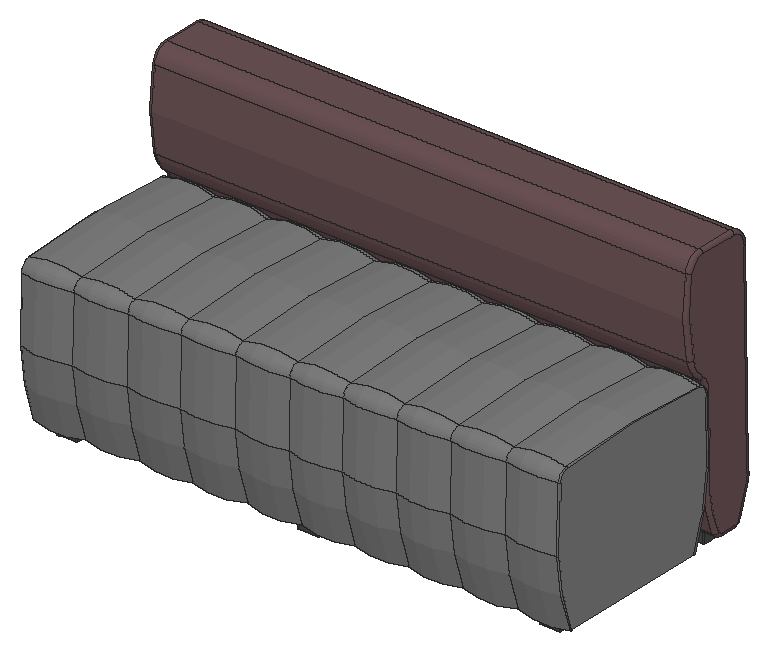
Revit family "Chair-Soft_Seating-Allermuir-Haven_Bench-HAB200BERH", category Furniture, Revit 2012
Parameters (values of type "HAB200BERH")
  ecoScorecard_data = "http://thesenatorgroup.ecoscorecard.com/product/HAB200BERH"
  ecoScorecard Product Page = "http://products.ecoscorecard.com/allermuir/HAB200BERH?action=html"
  Width = 0"
  Weight = 0.0 lbf
  Upholstered Seat = "No"
  Upholstered Back = "No"
  URL = "http://www.allermuir.net/Default.aspx"
  Subcategory = "Soft Seating"  # constant formula
  Stacks = no
  Specifications URL = ""
  Side Bracket = Metal - Allermuir - Chrome - Polished
  Seat or Top = Fabric - Allermuir - Silcoates
  Product Page URL = "http://www.allermuir.net/Products.aspx?RangeId=495"
  Product Line = "Haven Bench"  # constant formula
  Pricing URL = ""
  Plugin Data URL = "http://products.ecoscorecard.com/thesenatorgroup/HAB200BERH"
  Plastic Arms in Black = "No"
  Model = "HAB200BERH"  # constant formula
  Manufacturer Phone - Toll Free = "(888) 887 5806"  # constant formula
  Manufacturer Phone = "(419) 887 5806"  # constant formula
  Manufacturer Fax = "(419) 887 5805"  # constant formula
  Manufacturer Email = "mailto:contact@allermuir-na.com"
  Manufacturer Address = "1630 Holland Road, Maumee, Ohio 43537 "  # constant formula
  Manufacturer = "Allermuir"  # constant formula
  LEED Stats URL = ""
  Height = 0"
  Fabric Spec Sheets = "http://www.allermuir.net/Services/File.ashx?Type=B&Id=51"
  Description = ""
  Depth = 0"
  Color Availability = "See price list for material options"  # constant formula
  CAD Blocks URL = ""
  Brochure URL = ""
  Base = Plastic - Allermuir - Black
  Back = Fabric - Allermuir - Upholstery - Velvet - Red
  Assembly Code = "E2020200"
  95 CSI = "12510"  # constant formula
  04 CSI = "12 51 00"  # constant formula
Reference planes
  plane 1 "Center Front/Back": y = 0
  plane 2: z = 0
  plane 3 "Center Left/Right": x = 0
  plane 4: y = 359.331
  plane 5: y = -323.637
  plane 6: z = 780.256
  plane 7: x = -760.699
  plane 8: x = 757.524
Dimensions and locks
  plane 4 to plane 5 = 26.88848"
  plane 6 to level = 30 23/32"  (x2)
  locked: plane 7 to plane 8 at 1518.222
  aligned and locked: plane 3 "Center Left/Right" to nested 1
  aligned and locked: plane 5 to nested 1
  aligned and locked: nested 2 to plane 4
  aligned and locked: nested 2 to nested 1
Nested families
  nested 1: "HAB200BERH" at (0, -58.341, 0), type "HAB200BERH"
  nested 2: "HAB200BERH-Back-Rest" at (24.943, 10.081, 0), type "HAB200BERH"
Definition of nested family "HAB200BERH"
  Parameters (values of type "HAB200BERH")
    URL = "http://www.allermuir.net/Default.aspx"
    Stand = Plastic - Allermuir - Black
    Stacks = no
    Side Stand = Metal - Allermuir - Chrome - Polished
    Seat = Fabric - Allermuir - Silcoates
    Model = "HAB100"
    Manufacturer = "Allermuir"  # constant formula
    Description = ""
    Assembly Code = "E2020200"
  Reference planes
    plane 1 "Center Front/Back": y = 0
    plane 2: z = 0
    plane 3 "Center Left/Right": x = 0
    plane 4: y = 278.492
    plane 5: y = -265.296
    plane 6: z = 466.328
    plane 7: y = 174.511
    plane 8: y = -161.315
    plane 9: x = -747.478
    plane 10: x = -671.278
    plane 11: x = 747.478
    plane 12: x = 671.278
    plane 13: y = -256.155
  Forms (mm)
    Sweep 1, solid, material "Fabric - Allermuir - Silcoates" <- "Seat"
      path origin (0, 0, -3.969) x (0, 1, 0) y (0, 0, 1)
        loop
          arc (230.619, 28.377) -> (262.694, 128.867) -> (276.965, 233.381) r 609.6
          arc (276.965, 233.381) -> (278.479, 325.472) -> (273.982, 417.465) r 1411.053
          arc (273.982, 417.465) -> (262.719, 442.368) -> (238.222, 454.489) r 40.603
          arc (238.222, 454.489) -> (7.264, 468.236) -> (-223.765, 455.728) r 2038.86
          arc (-223.765, 455.728) -> (-248.079, 443.981) -> (-259.64, 419.577) r 40.58
          arc (-259.64, 419.577) -> (-265.536, 328.435) -> (-264.387, 237.109) r 1183.48
          arc (-264.387, 237.109) -> (-249.725, 130.711) -> (-217.12, 28.377) r 627.008
      profile origin (0, 7.264, 464.267) x (0, -0.002682, -0.999996) y (1, 0, 0)
        loop
          arc (10.108, -745.462) -> (11.467, -747.415) -> (13.724, -748.165) r 3.77
          line (13.724, -748.165) -> (14.881, -748.165) -> (14.881, 751.457) -> (12.785, 751.457)
          arc (12.785, 751.457) -> (10.529, 750.699) -> (9.189, 748.733) r 3.735
          arc (9.189, 748.733) -> (-0.333, 674.997) -> (11.738, 601.636) r 255.942
          arc (11.738, 601.636) -> (-0.369, 525.083) -> (10.994, 448.417) r 255.942
          arc (10.994, 448.417) -> (-0.371, 373.433) -> (10.736, 298.411) r 255.942
          arc (10.736, 298.411) -> (-0.371, 223.387) -> (10.994, 148.403) r 255.942
          arc (10.994, 148.403) -> (-0.369, 74.256) -> (10.253, 0) r 255.942
          arc (10.253, 0) -> (-0.355, -75.93) -> (12.002, -151.596) r 255.942
          arc (12.002, -151.596) -> (-0.344, -226.43) -> (9.784, -301.596) r 255.942
          arc (9.784, -301.596) -> (-0.344, -376.765) -> (12.003, -451.601) r 255.942
          arc (12.003, -451.601) -> (-0.344, -526.433) -> (9.782, -601.598) r 255.942
          arc (9.782, -601.598) -> (-0.371, -673.554) -> (10.108, -745.462) r 255.942
    Extrusion 2, solid, material "Fabric - Allermuir - Silcoates" <- "Seat"
      sketch origin (0, 0, -3.969) x (0, 1, 0) y (0, 0, 1)
        loop
          line (-203.329, 33.969) -> (216.827, 33.969)
          arc (216.827, 33.969) -> (248.162, 132.073) -> (262.102, 234.112) r 594.719
          arc (262.102, 234.112) -> (263.6, 325.231) -> (259.15, 416.253) r 1396.171
          arc (259.15, 416.253) -> (252.015, 432.029) -> (236.497, 439.708) r 25.722
          arc (236.497, 439.708) -> (7.224, 453.355) -> (-222.118, 440.938) r 2023.978
          arc (-222.118, 440.938) -> (-237.517, 433.499) -> (-244.837, 418.044) r 25.699
          arc (-244.837, 418.044) -> (-250.66, 328.048) -> (-249.525, 237.871) r 1168.598
          arc (-249.525, 237.871) -> (-235.197, 133.933) -> (-203.329, 33.969) r 612.126
      from -748.165 to 751.457
    Extrusion 3, solid, material "Metal - Allermuir - Chrome - Polished" <- "Side Stand"
      sketch origin (-2.927, 1.885, -3.969) x (-1, 0, 0) y (0, -1, 0)
        loop
          line (751.677, -189.731) -> (757.733, -186.084) -> (756.959, -184.799) -> (751.024, -188.373)
          arc (751.024, -188.373) -> (750.618, -188.45) -> (750.26, -188.244) r 0.595
          line (750.26, -188.244) -> (747.049, -184.391)
          arc (747.049, -184.391) -> (746.838, -184.023) -> (746.764, -183.605) r 1.228
          line (746.764, -183.605) -> (746.764, -157.548)
          arc (746.764, -157.548) -> (746.835, -157.143) -> (747.04, -156.786) r 1.191
          line (747.04, -156.786) -> (750.268, -152.913)
          arc (750.268, -152.913) -> (750.617, -152.712) -> (751.014, -152.787) r 0.581
          line (751.014, -152.787) -> (756.959, -156.367) -> (757.733, -155.082) -> (751.644, -151.415)
          arc (751.644, -151.415) -> (750.358, -151.171) -> (749.223, -151.823) r 1.885
          line (749.223, -151.823) -> (745.671, -156.086)
          arc (745.671, -156.086) -> (745.363, -156.622) -> (745.257, -157.23) r 1.786
          line (745.257, -157.23) -> (745.257, -183.923)
          arc (745.257, -183.923) -> (745.366, -184.543) -> (745.679, -185.09) r 1.823
          line (745.679, -185.09) -> (749.198, -189.313)
          arc (749.198, -189.313) -> (750.36, -189.981) -> (751.677, -189.731) r 1.93
      from 156.239 to 306.239
    Extrusion 4, solid, material "Metal - Allermuir - Chrome - Polished" <- "Side Stand"
      sketch origin (-2.927, 1.885, -3.969) x (-1, 0, 0) y (0, -1, 0)
        loop
          line (746.764, -176.579) -> (755.757, -176.579) -> (755.757, -164.607) -> (746.764, -164.607) -> (746.764, -176.579)
      from 304.739 to 306.239
    Extrusion 5, solid, material "Metal - Allermuir - Chrome - Polished" <- "Side Stand"
      sketch origin (-2.927, 16.867, -3.969) x (-1, 0, 0) y (0, -1, 0)
        loop
          arc (751.677, 189.731) -> (750.36, 189.981) -> (749.198, 189.313) r 1.93
          line (749.198, 189.313) -> (745.679, 185.09)
          arc (745.679, 185.09) -> (745.366, 184.543) -> (745.257, 183.923) r 1.823
          line (745.257, 183.923) -> (745.257, 157.23)
          arc (745.257, 157.23) -> (745.363, 156.622) -> (745.671, 156.086) r 1.786
          line (745.671, 156.086) -> (749.223, 151.823)
          arc (749.223, 151.823) -> (750.358, 151.171) -> (751.644, 151.415) r 1.885
          line (751.644, 151.415) -> (757.733, 155.082) -> (756.959, 156.367) -> (751.014, 152.787)
          arc (751.014, 152.787) -> (750.617, 152.712) -> (750.268, 152.913) r 0.581
          line (750.268, 152.913) -> (747.04, 156.786)
          arc (747.04, 156.786) -> (746.835, 157.143) -> (746.764, 157.548) r 1.191
          line (746.764, 157.548) -> (746.764, 183.605)
          arc (746.764, 183.605) -> (746.838, 184.023) -> (747.049, 184.391) r 1.228
          line (747.049, 184.391) -> (750.26, 188.244)
          arc (750.26, 188.244) -> (750.618, 188.45) -> (751.024, 188.373) r 0.595
          line (751.024, 188.373) -> (756.959, 184.799) -> (757.733, 186.084) -> (751.677, 189.731)
      from 156.239 to 306.239
    Extrusion 6, solid, material "Metal - Allermuir - Chrome - Polished" <- "Side Stand"
      sketch origin (-2.927, 16.867, -3.969) x (-1, 0, 0) y (0, -1, 0)
        loop
          line (746.764, 176.579) -> (746.764, 164.607) -> (755.757, 164.607) -> (755.757, 176.579) -> (746.764, 176.579)
      from 304.739 to 306.239
  Cuts and joins
    joined: Sweep 1, Extrusion 2
  Lines and regions (mm)
    symbolic lines, style "Sofa"
      curve 1: line (-748.166, 204.908, 0) -> (-748.166, -252.292, 0)
      curve 2: line (-601.598, -256.155, 0) -> (-601.598, 192.711, 0)
      curve 3: line (-451.601, -253.933, 0) -> (-451.601, 192.711, 0)
      curve 4: line (-301.596, -256.153, 0) -> (-301.596, 192.711, 0)
      curve 5: line (-151.596, -253.935, 0) -> (-151.596, 192.711, 0)
      curve 6: line (148.403, -254.942, 0) -> (148.403, 192.711, 0)
      curve 7: line (298.411, -254.942, 0) -> (298.411, 192.711, 0)
      curve 8: line (448.417, -254.987, 0) -> (448.417, 192.711, 0)
      curve 9: line (601.636, -254.198, 0) -> (601.636, 192.711, 0)
      curve 10: line (0, -255.684, 0) -> (0, 192.711, 0)
      curve 11: line (751.446, 201.885, 0) -> (751.446, -253.201, 0)
      curve 12: arc (-601.598, -256.155, 0) -> (-673.61, -266.282, 0) -> (-745.566, -255.772, 0) r 256.233
      curve 13: arc (-748.166, -252.292, 0) -> (-747.444, -254.464, 0) -> (-745.566, -255.772, 0) r 3.628
      curve 14: arc (-601.598, -256.155, 0) -> (-526.434, -266.225, 0) -> (-451.601, -253.933, 0) r 257.146
      curve 15: arc (-451.601, -253.933, 0) -> (-376.765, -266.319, 0) -> (-301.596, -256.153, 0) r 255.113
      curve 16: arc (-301.596, -256.153, 0) -> (-226.429, -266.314, 0) -> (-151.596, -253.935, 0) r 255.222
      curve 17: arc (-151.596, -253.935, 0) -> (-75.931, -266.324, 0) -> (0, -255.684, 0) r 255.243
      curve 18: arc (0, -255.684, 0) -> (74.256, -266.308, 0) -> (148.403, -254.942, 0) r 255.867
      curve 19: arc (148.403, -254.942, 0) -> (223.407, -266.577, 0) -> (298.411, -254.942, 0) r 247.576
      curve 20: arc (298.411, -254.942, 0) -> (373.41, -266.424, 0) -> (448.417, -254.987, 0) r 251.183
      curve 21: arc (448.56, -254.942, 0) -> (525.154, -266.224, 0) -> (601.636, -254.198, 0) r 257.174
      curve 22: arc (601.636, -254.198, 0) -> (675.054, -266.485, 0) -> (748.843, -256.664, 0) r 250.614
      curve 23: arc (748.843, -256.664, 0) -> (750.723, -255.368, 0) -> (751.446, -253.201, 0) r 3.605
      curve 24: line (-748.606, 186.975, 0) -> (-752.125, 191.198, 0)
      curve 25: arc (-748.184, 185.808, 0) -> (-748.293, 186.428, 0) -> (-748.606, 186.975, 0) r 1.823
      curve 26: line (-749.691, 185.49, 0) -> (-749.691, 159.433, 0)
      curve 27: arc (-749.976, 186.276, 0) -> (-749.765, 185.908, 0) -> (-749.691, 185.49, 0) r 1.228
      curve 28: line (-753.187, 190.129, 0) -> (-749.976, 186.276, 0)
      curve 29: arc (-753.951, 190.258, 0) -> (-753.545, 190.335, 0) -> (-753.187, 190.129, 0) r 0.595
      curve 30: arc (-752.125, 191.198, 0) -> (-753.287, 191.866, 0) -> (-754.604, 191.616, 0) r 1.93
      curve 31: line (-754.604, 191.616, 0) -> (-760.66, 187.969, 0)
      curve 32: line (-759.886, 186.684, 0) -> (-753.951, 190.258, 0)
      curve 33: line (-760.66, 187.969, 0) -> (-759.886, 186.684, 0)
      curve 34: line (-749.691, 178.464, 0) -> (-758.684, 178.464, 0)
      curve 35: line (-758.684, 178.464, 0) -> (-758.684, 166.492, 0)
      curve 36: line (-758.684, 166.492, 0) -> (-749.691, 166.492, 0)
      curve 37: line (-752.15, 153.709, 0) -> (-748.598, 157.972, 0)
      curve 38: line (-749.967, 158.671, 0) -> (-753.195, 154.798, 0)
      curve 39: arc (-748.598, 157.972, 0) -> (-748.29, 158.507, 0) -> (-748.184, 159.115, 0) r 1.786
      curve 40: arc (-749.691, 159.433, 0) -> (-749.762, 159.028, 0) -> (-749.967, 158.671, 0) r 1.191
      curve 41: arc (-753.195, 154.798, 0) -> (-753.544, 154.597, 0) -> (-753.941, 154.673, 0) r 0.581
      curve 42: line (-753.941, 154.673, 0) -> (-759.886, 158.252, 0)
      curve 43: line (-760.66, 156.968, 0) -> (-754.571, 153.3, 0)
      curve 44: arc (-754.571, 153.3, 0) -> (-753.285, 153.056, 0) -> (-752.15, 153.709, 0) r 1.885
      curve 45: line (-759.886, 158.252, 0) -> (-760.66, 156.968, 0)
      curve 46: line (-760.66, -138.215, 0) -> (-759.886, -139.5, 0)
      curve 47: line (-754.571, -134.548, 0) -> (-760.66, -138.215, 0)
      curve 48: line (-759.886, -139.5, 0) -> (-753.941, -135.92, 0)
      curve 49: arc (-752.15, -134.956, 0) -> (-753.285, -134.304, 0) -> (-754.571, -134.548, 0) r 1.885
      curve 50: arc (-753.941, -135.92, 0) -> (-753.544, -135.845, 0) -> (-753.195, -136.046, 0) r 0.581
      curve 51: line (-753.195, -136.046, 0) -> (-749.967, -139.919, 0)
      curve 52: line (-748.598, -139.219, 0) -> (-752.15, -134.956, 0)
      curve 53: arc (-749.967, -139.919, 0) -> (-749.762, -140.276, 0) -> (-749.691, -140.681, 0) r 1.191
      curve 54: arc (-748.184, -140.363, 0) -> (-748.29, -139.755, 0) -> (-748.598, -139.219, 0) r 1.786
      curve 55: line (-749.691, -140.681, 0) -> (-749.691, -166.737, 0)
      curve 56: line (-749.691, -147.74, 0) -> (-758.684, -147.74, 0)
      curve 57: line (-758.684, -147.74, 0) -> (-758.684, -159.712, 0)
      curve 58: line (-758.684, -159.712, 0) -> (-749.691, -159.712, 0)
      curve 59: line (-749.976, -167.524, 0) -> (-753.187, -171.377, 0)
      curve 60: arc (-749.691, -166.737, 0) -> (-749.765, -167.155, 0) -> (-749.976, -167.524, 0) r 1.228
      curve 61: line (-752.125, -172.446, 0) -> (-748.606, -168.223, 0)
      curve 62: arc (-748.606, -168.223, 0) -> (-748.293, -167.676, 0) -> (-748.184, -167.055, 0) r 1.823
      curve 63: arc (-754.604, -172.864, 0) -> (-753.287, -173.114, 0) -> (-752.125, -172.446, 0) r 1.93
      curve 64: arc (-753.187, -171.377, 0) -> (-753.545, -171.583, 0) -> (-753.951, -171.506, 0) r 0.595
      curve 65: line (-753.951, -171.506, 0) -> (-759.886, -167.932, 0)
      curve 66: line (-760.66, -169.217, 0) -> (-754.604, -172.864, 0)
      curve 67: line (-759.886, -167.932, 0) -> (-760.66, -169.217, 0)
  Dimensions and locks
    plane 4 to plane 5 = 21.40899"
    plane 6 to level = 18 23/64"
    locked: plane 4 to plane 7 at 103.981
    locked: plane 5 to plane 8 at 103.981
    locked: plane 9 to plane 10 at 76.2
    locked: plane 11 to plane 12 at 76.2
    locked: plane 10 to plane 12 at 1342.555
    equal spacing: plane 10, plane 3 "Center Left/Right", plane 12
    aligned and locked: Sweep 1 to Extrusion 2
  Automatic sketch dimensions
    level to Extrusion 2 sketch curve = 1.1811"
    plane 7 to Extrusion 2 sketch curve = 1.66598"
    Extrusion 3 sketch curve to plane 9 = 0.02779"
    Extrusion 3 sketch curve to Extrusion 3 sketch curve = 0.0163"
    Extrusion 3 sketch curve to Extrusion 3 sketch curve = 0.01664"
    Extrusion 3 sketch curve to plane 9 = 0.08714"
    Extrusion 3 sketch curve to plane 9 = 0.09801"
    Extrusion 3 sketch curve to Extrusion 3 sketch curve = 0.01096"
    Extrusion 3 sketch curve to plane 9 = 0.09835"
    Extrusion 3 sketch curve to Extrusion 3 sketch curve = 0.01243"
    Extrusion 3 sketch curve to plane 9 = 0.13402"
    Extrusion 3 sketch curve to plane 9 = 0.13549"
    Extrusion 3 sketch curve to plane 9 = 0.18298"
    Extrusion 3 sketch curve to plane 9 = 0.18395"
    Extrusion 3 sketch curve to Extrusion 3 sketch curve = 0.0418"
    Extrusion 3 sketch curve to Extrusion 3 sketch curve = 0.04113"
    Extrusion 3 sketch curve to Extrusion 3 sketch curve = 0.01589"
    Extrusion 3 sketch curve to Extrusion 3 sketch curve = 0.01658"
    Extrusion 3 sketch curve to Extrusion 3 sketch curve = 0.00168"
    Extrusion 3 sketch curve to Extrusion 3 sketch curve = 0.00142"
    Extrusion 3 sketch curve to Extrusion 3 sketch curve = 0.01349"
    Extrusion 3 sketch curve to Extrusion 3 sketch curve = 0.01352"
    Extrusion 3 sketch curve to Extrusion 3 sketch curve = 0.0248"
    Extrusion 3 sketch curve to Extrusion 3 sketch curve = 0.02569"
    Extrusion 3 sketch curve to Extrusion 3 sketch curve = 0.23405"
    Extrusion 3 sketch curve to Extrusion 3 sketch curve = 0.23364"
    Extrusion 3 sketch curve to Extrusion 3 sketch curve = 0.03048"  (x2)
    plane 7 to Extrusion 3 sketch curve = 0.67344"
    Extrusion 3 sketch curve to Extrusion 3 sketch curve = 0.01645"
    Extrusion 3 sketch curve to Extrusion 3 sketch curve = 0.01163"
    Extrusion 3 sketch curve to Extrusion 3 sketch curve = 0.00655"
    Extrusion 3 sketch curve to Extrusion 3 sketch curve = 0.14359"
    Extrusion 3 sketch curve to Extrusion 3 sketch curve = 0.16628"
    Extrusion 3 sketch curve to Extrusion 3 sketch curve = 0.05058"  (x2)
    Extrusion 3 sketch curve to Extrusion 3 sketch curve = 0.01843"
    Extrusion 3 sketch curve to plane 7 = 0.59361"
    Extrusion 3 sketch curve to Extrusion 3 sketch curve = 0.01254"
    Extrusion 3 sketch curve to Extrusion 3 sketch curve = 0.0465"
    Extrusion 3 sketch curve to Extrusion 3 sketch curve = 0.13783"
    Extrusion 3 sketch curve to Extrusion 3 sketch curve = 0.01004"
    Extrusion 3 sketch curve to Extrusion 3 sketch curve = 0.00461"
    Extrusion 3 sketch curve to Extrusion 3 sketch curve = 0.0429"
    Extrusion 4 sketch curve to plane 9 = 0.08714"
    Extrusion 4 sketch curve to plane 9 = 0.44118"
    plane 7 to Extrusion 4 sketch curve = 0.15564"
    Extrusion 4 sketch curve to plane 7 = 0.31569"
    Extrusion 5 sketch curve to plane 9 = 0.02779"
    Extrusion 5 sketch curve to Extrusion 5 sketch curve = 0.0163"
    Extrusion 5 sketch curve to Extrusion 5 sketch curve = 0.01664"
    Extrusion 5 sketch curve to plane 9 = 0.08714"
    Extrusion 5 sketch curve to plane 9 = 0.09801"
    Extrusion 5 sketch curve to Extrusion 5 sketch curve = 0.01096"
    Extrusion 5 sketch curve to plane 9 = 0.09835"
    Extrusion 5 sketch curve to Extrusion 5 sketch curve = 0.01243"
    Extrusion 5 sketch curve to plane 9 = 0.13402"
    Extrusion 5 sketch curve to plane 9 = 0.13549"
    Extrusion 5 sketch curve to plane 9 = 0.18298"
    Extrusion 5 sketch curve to plane 9 = 0.18395"
    Extrusion 5 sketch curve to Extrusion 5 sketch curve = 0.0418"
    Extrusion 5 sketch curve to Extrusion 5 sketch curve = 0.04113"
    Extrusion 5 sketch curve to Extrusion 5 sketch curve = 0.01589"
    Extrusion 5 sketch curve to Extrusion 5 sketch curve = 0.01658"
    Extrusion 5 sketch curve to Extrusion 5 sketch curve = 0.00168"
    Extrusion 5 sketch curve to Extrusion 5 sketch curve = 0.00142"
    Extrusion 5 sketch curve to Extrusion 5 sketch curve = 0.01349"
    Extrusion 5 sketch curve to Extrusion 5 sketch curve = 0.01352"
    Extrusion 5 sketch curve to Extrusion 5 sketch curve = 0.0248"
    Extrusion 5 sketch curve to Extrusion 5 sketch curve = 0.02569"
    Extrusion 5 sketch curve to Extrusion 5 sketch curve = 0.23405"
    Extrusion 5 sketch curve to Extrusion 5 sketch curve = 0.23364"
    Extrusion 5 sketch curve to Extrusion 5 sketch curve = 0.03048"  (x2)
    Extrusion 5 sketch curve to plane 8 = 1.05381"
    Extrusion 5 sketch curve to Extrusion 5 sketch curve = 0.01607"
    Extrusion 5 sketch curve to Extrusion 5 sketch curve = 0.00956"
    Extrusion 5 sketch curve to Extrusion 5 sketch curve = 0.00461"
    Extrusion 5 sketch curve to Extrusion 5 sketch curve = 0.09035"
    Extrusion 5 sketch curve to Extrusion 5 sketch curve = 0.16784"
    Extrusion 5 sketch curve to Extrusion 5 sketch curve = 0.05058"  (x2)
    Extrusion 5 sketch curve to Extrusion 5 sketch curve = 0.01747"
    plane 8 to Extrusion 5 sketch curve = 0.21348"
    Extrusion 5 sketch curve to Extrusion 5 sketch curve = 0.01252"
    plane 8 to Extrusion 5 sketch curve = 0.26052"
    Extrusion 5 sketch curve to Extrusion 5 sketch curve = 35/256"
    Extrusion 5 sketch curve to Extrusion 5 sketch curve = 0.00845"
    Extrusion 5 sketch curve to Extrusion 5 sketch curve = 0.00655"
    Extrusion 5 sketch curve to Extrusion 5 sketch curve = 0.04209"
    Extrusion 6 sketch curve to plane 8 = 0.06311"
    Extrusion 6 sketch curve to plane 9 = 0.08714"
    Extrusion 6 sketch curve to plane 9 = 0.44118"
    Extrusion 6 sketch curve to plane 8 = 0.53444"
    Sweep 1 sketch curve to profile plane = 0"
    Sweep 1 sketch curve to Sweep 1 sketch curve = 0"  (x15)
    Sweep 1 sketch curve to profile plane = 0.38511"
    Sweep 1 sketch curve to profile plane = 0.3852"
    Sweep 1 sketch curve to profile plane = 0.39796"
    Sweep 1 sketch curve to profile plane = 0.40366"
    Sweep 1 sketch curve to profile plane = 0.42268"
    Sweep 1 sketch curve to profile plane = 0.46213"
    Sweep 1 sketch curve to profile plane = 0.43283"
    Sweep 1 sketch curve to profile plane = 0.43285"
    Sweep 1 sketch curve to profile plane = 0.47252"
    Sweep 1 sketch curve to profile plane = 0.47257"
    Sweep 1 sketch curve to Sweep 1 sketch curve = 0.14157"
    Sweep 1 sketch curve to Sweep 1 sketch curve = 0.14236"
    Sweep 1 sketch curve to Sweep 1 sketch curve = 0.04556"
    Sweep 1 sketch curve to profile plane = 10.06183"  (x3)
    Sweep 1 sketch curve to profile plane = 2.87313"
    profile plane to Sweep 1 sketch curve = 2.87313"
    Sweep 1 sketch curve to Sweep 1 sketch curve = 6.19041"
    Sweep 1 sketch curve to Sweep 1 sketch curve = 5.62067"
    Sweep 1 sketch curve to Sweep 1 sketch curve = 6.19073"
    Sweep 1 sketch curve to Sweep 1 sketch curve = 5.62008"
    Sweep 1 sketch curve to Sweep 1 sketch curve = 5.939"
    Sweep 1 sketch curve to Sweep 1 sketch curve = 5.87264"
    Sweep 1 sketch curve to Sweep 1 sketch curve = 5.93885"
    Sweep 1 sketch curve to Sweep 1 sketch curve = 6.12565"
    Sweep 1 sketch curve to Sweep 1 sketch curve = 0.2241"
    Extrusion 2 sketch curve to Extrusion 2 sketch curve = 0"  (x6)
    Extrusion 2 sketch curve to plane 5 = 2.43965"
    plane 4 to Extrusion 2 sketch curve = 3.27982"
    plane 5 to Extrusion 2 sketch curve = 2.62223"
    Extrusion 2 sketch curve to plane 6 = 6.60184"
    Extrusion 2 sketch curve to plane 4 = 0.6453"
    Extrusion 2 sketch curve to plane 4 = 1.7708"
    Extrusion 2 sketch curve to plane 4 = 0.7615"
    Extrusion 2 sketch curve to plane 1 "Center Front/Back" = 0.07067"
    Extrusion 2 sketch curve to Extrusion 2 sketch curve = 0.11743"
    Extrusion 2 sketch curve to plane 5 = 0.80546"
    Extrusion 2 sketch curve to plane 5 = 0.62092"
    Extrusion 2 sketch curve to Extrusion 2 sketch curve = 0.89446"
    Extrusion 2 sketch curve to Extrusion 2 sketch curve = 1.00639"
    Extrusion 2 sketch curve to Extrusion 2 sketch curve = 21.87967"
    Sweep 1 sketch curve to plane 6 = 6.60184"
    plane 5 to Sweep 1 sketch curve = 34.13749"
    plane 5 to Sweep 1 sketch curve = 2.62223"
    Sweep 1 sketch curve to plane 5 = 0.03581"
    Sweep 1 sketch curve to plane 5 = 0.2227"
    Sweep 1 sketch curve to plane 6 = 0.57357"
    Sweep 1 sketch curve to plane 5 = 1.6351"
    Sweep 1 sketch curve to Sweep 1 sketch curve = 1.58916"
    level to Sweep 1 sketch curve = 123/128"
    Sweep 1 sketch curve to plane 1 "Center Front/Back" = 0.07067"
    Sweep 1 sketch curve to plane 4 = 1.88479"
    Sweep 1 sketch curve to plane 4 = 1.7708"
    Sweep 1 sketch curve to Sweep 1 sketch curve = 0.18537"
    Sweep 1 sketch curve to plane 4 = 0.17756"
    Sweep 1 sketch curve to plane 4 = 0.06013"
    plane 4 to Sweep 1 sketch curve = 3.27982"
    Sweep 1 sketch curve to Sweep 1 sketch curve = 1.86088"
    plane 13 to curve 14 = 0"
    curve 10 to plane 3 "Center Left/Right" = 0"
    plane 1 "Center Front/Back" to curve 17 = 0.43692"
    curve 17 to plane 3 "Center Left/Right" = 2.87346"
    curve 5 to plane 13 = 0.08741"
    curve 5 to plane 3 "Center Left/Right" = 5.96833"
    plane 1 "Center Front/Back" to curve 16 = 0.43778"
    curve 16 to curve 17 = 6.18964"
    curve 4 to plane 13 = 0.00009"
    plane 1 "Center Front/Back" to curve 15 = 0.44227"
    curve 15 to curve 16 = 5.62161"
    curve 14 to plane 13 = 0.08746"
    plane 1 "Center Front/Back" to curve 14 = 0.35858"
    plane 10 to curve 14 = 5.55259"
    curve 12 to plane 10 = 0.06499"
    plane 9 to curve 13 = 0.11575"
    curve 13 to plane 13 = 0.01507"
    plane 9 to curve 13 = 0.07526"
    curve 12 to curve 13 = 0"
    curve 39 to plane 9 = 0.02779"
    curve 62 to plane 9 = 0.02779"
    curve 54 to plane 9 = 0.02779"
    curve 25 to plane 9 = 0.02779"
    curve 39 to plane 9 = 0.04409"
    curve 52 to plane 9 = 0.04409"
    curve 62 to plane 9 = 0.04443"
    curve 24 to plane 9 = 0.04443"
    curve 58 to plane 9 = 0.08714"
    curve 27 to curve 25 = 0.05935"
    curve 53 to curve 53 = 0.01086"
    curve 38 to curve 40 = 0.01086"
    curve 39 to curve 40 = 0.01096"
    curve 54 to curve 53 = 0.01096"
    curve 28 to curve 27 = 0.01121"
    curve 60 to curve 55 = 0.01121"
    curve 25 to curve 27 = 0.01243"
    curve 62 to curve 55 = 0.01243"
    curve 40 to curve 39 = 0.03592"
    curve 53 to curve 54 = 0.03592"
    curve 60 to curve 62 = 0.03592"
    curve 27 to curve 25 = 0.03592"
    curve 30 to plane 9 = 0.18298"
    curve 61 to plane 9 = 0.18298"
    curve 52 to plane 9 = 0.18395"
    curve 44 to plane 9 = 0.18395"
    curve 28 to curve 24 = 0.0418"
    curve 64 to curve 61 = 0.0418"
    curve 51 to curve 52 = 0.04113"
    curve 41 to curve 37 = 0.04113"
    curve 44 to curve 38 = 0.01589"
    curve 49 to curve 51 = 0.01589"
    curve 30 to curve 28 = 0.01658"
    curve 63 to curve 59 = 0.01658"
    curve 41 to curve 44 = 0.00168"
    curve 50 to curve 49 = 0.00168"
    curve 64 to curve 63 = 0.00142"
    curve 29 to curve 30 = 0.00142"
    curve 50 to curve 49 = 0.01349"
    curve 42 to curve 44 = 0.01349"
    curve 64 to curve 63 = 0.01352"
    curve 32 to curve 30 = 0.01352"
    curve 44 to curve 42 = 0.0248"
    curve 49 to curve 50 = 0.0248"
    curve 63 to curve 64 = 0.02569"
    curve 30 to curve 29 = 0.02569"
    curve 56 to curve 56 = 0.35403"
    curve 36 to curve 36 = 0.35403"
    curve 46 to curve 48 = 0.23405"
    curve 32 to curve 32 = 0.23364"
    curve 67 to curve 64 = 0.23364"
    curve 42 to curve 41 = 0.23405"
    curve 31 to curve 32 = 0.03048"
    curve 46 to curve 46 = 0.03048"
    curve 45 to curve 42 = 0.03048"
    curve 66 to curve 65 = 0.03048"
    plane 1 "Center Front/Back" to curve 18 = 0.41122"
    plane 3 "Center Left/Right" to curve 18 = 2.87314"
    curve 19 to plane 13 = 0.04774"  (x2)
    plane 1 "Center Front/Back" to curve 19 = 0.74808"
    curve 18 to curve 19 = 5.9224"
    plane 1 "Center Front/Back" to curve 20 = 0.60003"
    curve 19 to curve 20 = 5.9086"
    plane 7 to curve 8 = 0.71653"
    curve 7 to curve 8 = 5.90575"
    curve 8 to curve 21 = 0.00563"
    plane 1 "Center Front/Back" to curve 21 = 0.35642"
    plane 12 to curve 21 = 5.80208"
    curve 9 to plane 13 = 0.07702"
    plane 12 to curve 9 = 2.74181"
    curve 22 to plane 12 = 0.31393"
    curve 23 to plane 11 = 0.01432"
    plane 13 to curve 23 = 0.02007"
    curve 23 to plane 11 = 0.05373"
    curve 22 to curve 23 = 0"
    plane 8 to curve 66 = 0.45469"
    curve 66 to curve 61 = 0.01645"
    curve 65 to curve 63 = 0.01163"
    curve 64 to curve 63 = 0.00655"
    curve 63 to curve 66 = 0.14359"
    curve 61 to curve 61 = 0.16628"
    curve 66 to curve 65 = 0.05058"
    curve 59 to curve 62 = 0.01843"
    curve 57 to plane 8 = 0.06311"
    curve 58 to curve 56 = 0.47133"
    curve 56 to curve 53 = 0.27792"
    curve 53 to curve 54 = 0.01254"
    curve 56 to curve 48 = 0.32442"
    curve 46 to curve 47 = 0.05058"
    curve 51 to curve 50 = 0.13783"
    curve 50 to curve 49 = 0.01004"
    curve 49 to curve 50 = 0.00461"
    curve 50 to curve 52 = 0.0429"
    curve 44 to plane 7 = 0.83506"
    curve 44 to curve 37 = 0.01607"
    curve 41 to curve 44 = 0.00956"
    curve 38 to curve 44 = 0.00461"
    curve 41 to curve 45 = 0.09035"
    curve 37 to curve 39 = 0.16784"
    curve 43 to curve 45 = 0.05058"
    curve 40 to curve 39 = 0.01747"
    curve 36 to plane 7 = 0.31569"
    plane 7 to curve 34 = 0.15564"
    curve 34 to curve 27 = 0.2766"
    curve 27 to curve 25 = 0.01252"
    curve 34 to curve 33 = 0.32363"
    curve 32 to curve 31 = 0.05058"
    curve 27 to curve 29 = 35/256"
    curve 29 to curve 30 = 0.00845"
    curve 30 to curve 29 = 0.00655"
    curve 29 to curve 30 = 0.04209"
    plane 7 to curve 2 = 0.71653"
    plane 7 to curve 10 = 0.71653"
    plane 7 to curve 9 = 0.71653"
    plane 7 to curve 7 = 0.71653"
    plane 7 to curve 6 = 0.71653"
    plane 7 to curve 5 = 0.71653"
    plane 7 to curve 4 = 0.71653"
    plane 7 to curve 3 = 0.71653"
    plane 7 to curve 11 = 1.07771"
    curve 30 to curve 1 = 0.53973"
  Nested families
    nested 1: "Leg" at (-671.389, 176.892, 0), type "PSM102"
    nested 2: "Leg" at (1.587, 176.099, 0), type "PSM102"
    nested 3: "Leg" at (-670.924, -157.346, 0), type "PSM102"
    nested 4: "Leg" at (674.744, 176.099, 0), type "PSM102"
    nested 5: "Leg" at (2.381, -157.346, 0), type "PSM102"
    nested 6: "Leg" at (674.303, -156.552, 0), type "PSM102"
  Definition of nested family "Leg"
    Parameters (values of type "PSM102")
      URL = ""
      Stand = Plastic - Allermuir - Black
      Stacks = no
      Model = ""
      Manufacturer = ""
      Description = ""
      Assembly Code = "E2020200"
    Reference planes
      plane 1 "Center Front/Back": y = 0
      plane 2: z = 0
      plane 3 "Center Left/Right": x = 0
      plane 4: z = 30
      plane 5: through (42.717, 1524.892, 1219.2) normal (1, -0.0075, 0)
      plane 6: through (-1525.181, 42.166, 1219.2) normal (0.0075, 1, 0)
      plane 7: through (-19.17, 1524.892, 1219.2) normal (1, -0.0075, 0)
      plane 8: through (-1525.181, -19.721, 1219.2) normal (0.0075, 1, 0)
    Forms (mm)
      Blend 1, solid, material "Plastic - Allermuir - Black" <- "Stand"
        base sketch origin (0, 0, 0) x (1, 0, 0) y (0, 1, 0)
          loop
            arc (-26.682, 29.891) -> (-28.652, 29.092) -> (-29.481, 27.133) r 2.778
            line (-29.481, 27.133) -> (-29.891, -27.235)
            arc (-29.891, -27.235) -> (-29.092, -29.205) -> (-27.133, -30.034) r 2.778
            line (-27.133, -30.034) -> (27.235, -30.444)
            arc (27.235, -30.444) -> (29.205, -29.645) -> (30.034, -27.687) r 2.778
            line (30.034, -27.687) -> (30.444, 26.682)
            arc (30.444, 26.682) -> (29.645, 28.652) -> (27.687, 29.481) r 2.778
            line (27.687, 29.481) -> (-26.682, 29.891)
        top sketch origin (0, 0, 0) x (1, 0, 0) y (0, 1, 0)
          loop
            arc (31.431, 27.654) -> (30.632, 29.625) -> (28.674, 30.453) r 2.778
            line (28.674, 30.453) -> (-27.654, 30.878)
            arc (-27.654, 30.878) -> (-29.625, 30.079) -> (-30.453, 28.121) r 2.778
            line (-30.453, 28.121) -> (-30.878, -28.207)
            arc (-30.878, -28.207) -> (-30.079, -30.178) -> (-28.121, -31.006) r 2.778
            line (-28.121, -31.006) -> (28.207, -31.431)
            arc (28.207, -31.431) -> (30.178, -30.632) -> (31.006, -28.674) r 2.778
            line (31.006, -28.674) -> (31.431, 27.654)
        from 0 to 30
    Dimensions and locks
      locked: plane 7 to plane 5 at 61.886
      locked: plane 6 to plane 8 at 61.886
      locked: plane 4 to level at 30
Definition of nested family "HAB200BERH-Back-Rest"
  Parameters (values of type "HAB200BERH")
    URL = "http://www.allermuir.net/Default.aspx"
    Model = "PSM102"
    Manufacturer = "Allermuir"  # constant formula
    Description = ""
    Color Availability = "See price list for material options"  # constant formula
    Back Rest = Fabric - Allermuir - Upholstery - Velvet - Red
    Assembly Code = "E2020200"
  Reference planes
    plane 1 "Center Front/Back": y = 0
    plane 2: z = 0
    plane 3 "Center Left/Right": x = 0
    plane 4: z = 780.276
    plane 5: x = 726.514
    plane 6: x = -683.734
    plane 7: y = 349.25
    plane 8: y = -336.55
  Forms (mm)
    Sweep 1, solid, material "Fabric - Allermuir - Upholstery - Velvet - Red" <- "Back Rest"
      path origin (0, 0, 0) x (0, 1, 0) y (0, 0, 1)
        loop
          arc (287.786, 777.021) -> (233.759, 779.501) -> (179.717, 777.382) r 635.833
          arc (179.717, 777.382) -> (149.801, 764.438) -> (133.91, 735.977) r 50.8
          arc (133.91, 735.977) -> (124.881, 624.919) -> (138.426, 514.322) r 549.847
          arc (138.426, 514.322) -> (151.944, 480.888) -> (175.34, 453.444) r 112.578
          arc (175.34, 453.444) -> (187.228, 438.729) -> (192.908, 420.684) r 50.8
          arc (192.908, 420.684) -> (199.489, 321.271) -> (195.803, 221.708) r 966.766
          arc (195.803, 221.708) -> (199.73, 131.593) -> (227.054, 45.631) r 342.39
          arc (227.054, 45.631) -> (235.405, 35.683) -> (247.583, 31.165) r 25.4
          arc (247.583, 31.165) -> (270.869, 30.009) -> (294.161, 31.049) r 247.493
          arc (294.161, 31.049) -> (306.956, 35.934) -> (315.355, 46.754) r 25.4
          arc (315.355, 46.754) -> (330.686, 88.951) -> (342.72, 132.205) r 582.2
          arc (342.72, 132.205) -> (344.554, 142.103) -> (345.4, 152.134) r 101.6
          arc (345.4, 152.134) -> (347.534, 441.313) -> (333.961, 730.181) r 5322.758
          arc (333.961, 730.181) -> (319.477, 762.083) -> (287.786, 777.021) r 50.8
      profile origin (0, 233.759, 779.501) x (0, -0.003339, -0.999994) y (1, 0, 0)
        loop
          arc (-0.428, -762.644) -> (2.637, -770.044) -> (10.037, -773.109) r 10.465
          line (10.037, -773.109) -> (12.7, -773.109) -> (12.7, 726.535) -> (9.99, 726.535)
          arc (9.99, 726.535) -> (2.623, 723.484) -> (-0.428, 716.117) r 10.418
          line (-0.428, 716.117) -> (-0.428, -762.644)
    Extrusion 2, solid, material "Fabric - Allermuir - Upholstery - Velvet - Red" <- "Back Rest"
      sketch origin (726.535, 231.636, 143.672) x (0, 0.088309, 0.996093) y (0, -0.996093, 0.088309)
        loop
          arc (580.167, 137.007) -> (471.319, 136.212) -> (364.867, 113.49) r 537.147
          arc (364.867, 113.49) -> (336.38, 98.924) -> (313.96, 76.099) r 99.878
          arc (313.96, 76.099) -> (296.95, 59.672) -> (275.109, 50.608) r 63.5
          arc (275.109, 50.608) -> (175.372, 35.073) -> (74.565, 29.885) r 979.466
          arc (74.565, 29.885) -> (-11.534, 18.455) -> (-91.661, -15.062) r 329.69
          arc (-91.661, -15.062) -> (-96.247, -19.661) -> (-97.959, -25.925) r 12.7
          arc (-97.959, -25.925) -> (-97.101, -48.027) -> (-94.167, -69.95) r 234.793
          arc (-94.167, -69.95) -> (-91.169, -76.107) -> (-85.409, -79.812) r 12.7
          arc (-85.409, -79.812) -> (-42.969, -91.105) -> (0.214, -99.094) r 569.5
          arc (0.214, -99.094) -> (8.983, -99.928) -> (17.792, -99.89) r 88.9
          arc (17.792, -99.89) -> (305.342, -76.535) -> (591.199, -37.598) r 5310.058
          arc (591.199, -37.598) -> (614.072, -24.665) -> (623.133, 0) r 38.1
          arc (623.133, 0) -> (620.879, 52.956) -> (614.133, 105.528) r 623.133
          arc (614.133, 105.528) -> (602.481, 127.02) -> (580.167, 137.007) r 38.1
      from -1499.644 to 0
  Cuts and joins
    joined: Sweep 1, Extrusion 2
  Lines and regions (mm)
    symbolic lines, style "Sofa"
      curve 1: line (716.118, 349.016, 0) -> (-762.638, 349.016, 0)
      curve 2: line (-773.109, 338.544, 0) -> (-773.109, 134.728, 0)
      curve 3: line (-762.723, 124.343, 0) -> (716.125, 124.343, 0)
      curve 4: line (726.534, 338.6, 0) -> (726.534, 134.752, 0)
      curve 5: arc (-773.109, 338.544, 0) -> (-770.042, 345.949, 0) -> (-762.638, 349.016, 0) r 10.471
      curve 6: arc (-773.109, 134.728, 0) -> (-770.067, 127.384, 0) -> (-762.723, 124.343, 0) r 10.386
      curve 7: arc (726.534, 338.6, 0) -> (723.483, 345.965, 0) -> (716.118, 349.016, 0) r 10.416
      curve 8: arc (716.125, 124.343, 0) -> (723.485, 127.391, 0) -> (726.534, 134.752, 0) r 10.409
  Dimensions and locks
    plane 4 to level = 30.71955"
    aligned and locked: Extrusion 2 to Sweep 1
  Nested families
    nested 1: "Leg" at (-695.812, 272.29, 0), type "PSM102"
    nested 2: "Leg" at (-22.879, 272.29, 0), type "PSM102"
    nested 3: "Leg" at (650.375, 272.29, 0), type "PSM102"
  Definition of nested family "Leg"
    Parameters (values of type "HAB200BM")
      URL = ""
      Stand = Plastic - Allermuir - Black
      Stacks = no
      Model = ""
      Manufacturer = ""
      Description = ""
      Assembly Code = "E2020200"
    Reference planes
      plane 1 "Center Front/Back": y = 0
      plane 2: z = 0
      plane 3 "Center Left/Right": x = 0
      plane 4: z = 30
      plane 5: through (42.717, 1524.892, 1219.2) normal (1, -0.0075, 0)
      plane 6: through (-1525.181, 42.166, 1219.2) normal (0.0075, 1, 0)
      plane 7: through (-19.17, 1524.892, 1219.2) normal (1, -0.0075, 0)
      plane 8: through (-1525.181, -19.721, 1219.2) normal (0.0075, 1, 0)
    Forms (mm)
      Blend 1, solid, material "Plastic - Allermuir - Black" <- "Stand"
        base sketch origin (0, 0, 0) x (1, 0, 0) y (0, 1, 0)
          loop
            arc (-26.682, 29.891) -> (-28.652, 29.092) -> (-29.481, 27.133) r 2.778
            line (-29.481, 27.133) -> (-29.891, -27.235)
            arc (-29.891, -27.235) -> (-29.092, -29.205) -> (-27.133, -30.034) r 2.778
            line (-27.133, -30.034) -> (27.235, -30.444)
            arc (27.235, -30.444) -> (29.205, -29.645) -> (30.034, -27.687) r 2.778
            line (30.034, -27.687) -> (30.444, 26.682)
            arc (30.444, 26.682) -> (29.645, 28.652) -> (27.687, 29.481) r 2.778
            line (27.687, 29.481) -> (-26.682, 29.891)
        top sketch origin (0, 0, 0) x (1, 0, 0) y (0, 1, 0)
          loop
            arc (31.431, 27.654) -> (30.632, 29.625) -> (28.674, 30.453) r 2.778
            line (28.674, 30.453) -> (-27.654, 30.878)
            arc (-27.654, 30.878) -> (-29.625, 30.079) -> (-30.453, 28.121) r 2.778
            line (-30.453, 28.121) -> (-30.878, -28.207)
            arc (-30.878, -28.207) -> (-30.079, -30.178) -> (-28.121, -31.006) r 2.778
            line (-28.121, -31.006) -> (28.207, -31.431)
            arc (28.207, -31.431) -> (30.178, -30.632) -> (31.006, -28.674) r 2.778
            line (31.006, -28.674) -> (31.431, 27.654)
        from 0 to 30
    Dimensions and locks
      locked: plane 7 to plane 5 at 61.886
      locked: plane 6 to plane 8 at 61.886
      locked: plane 4 to level at 30
